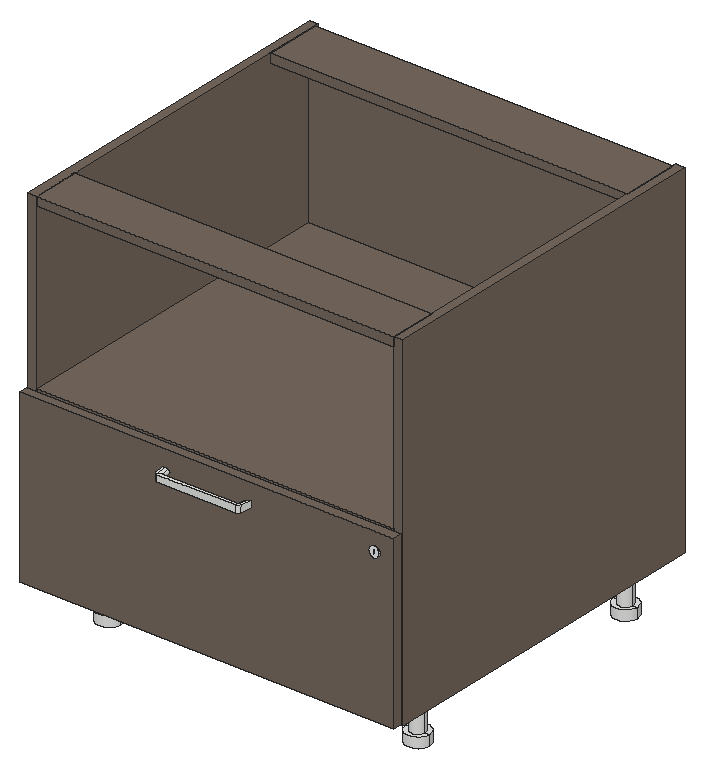
Revit family "Base_Cabinets-Teknion-CEBMD_Base_Cabine_Microwave_Section_With_Drawer-R2023", category Furniture, Revit 2023
Family settings
  OmniClass Number = 23.40.20.00
  OmniClass Title = General Furniture and Specialties
  Work Plane-Based = No
  Enable Cutting in Views = No
  Always vertical = Yes
  Cut with Voids When Loaded = No
  Render Appearance Source = Family Geometry
  Shared = Yes
  Room Calculation Point = No
Parameters (values of type "Undermount - Soft Close Drawer Style")
  Width [instance] = 30.000"
  Warranty = "http://www.teknion.com/ca/papers/legal-canada"
  Unit Weight URL = "http://www.teknion.com/ca/tools/assets#&asset=bee6a381-b954-425e-8283-5a2de3a804f2,f828d448-4b62-4231-9e5f-9a8991c0ed77"
  URL = "www.teknion.com"
  U - Undermount - Soft Close = yes
  To render please download texture images found here [instance] = "https://assets.teknion.com/web/5e81352c1dfdb467/revit-material-swatches/"
  Sustainability Data = "https://www.teknion.com/ca/tools/assets#&topic=216f99a5-57a0-44fc-b10a-9dee9b29ae4c&asset=444deb64-fe58-4b68-981e-f75e97781df7,b4ff2d81-9f2e-437d-9659-7cffb09c31cf"
  Series = "Expansion Casework+"  # constant formula
  S - Standard - Soft Close = not([U - Undermount - Soft Close])  # no
  Pull Finish [instance] = Paint - Teknion - Foundation - Crisp Grey
  Product Page URL = "https://www.teknion.com/ca/products/product-details?productLineId=30ca1270-8e7a-673b-a6c8-ff05004460c4"
  Product Line = "Base Cabinets"  # constant formula
  Product Documentation Link = "https://www.teknion.com/pricing/expansion-casework/pdfs/CEBMD_ppg.pdf"
  Part Number = "CEBMD"  # constant formula
  Model = "CEBMD______U"
  Manufacturer Phone = "416-661-3370"  # constant formula
  Manufacturer Fax = "416.661.4586"  # constant formula
  Manufacturer Contact Information = "http://www.teknion.com/ca/contactus"
  Manufacturer Address = "1150 Flint Road, Toronto, ON. M3J 2J5. Canada"  # constant formula
  Manufacturer = "Teknion"  # constant formula
  How To Use Teknion Materials User Guide [instance] = "https://assets.teknion.com/m/205dd0a49fa58060/original/How-to-add-a-Material-Library-and-Texture-Images-to-your-Revit-project.pdf"
  Height [instance] = 32.000"
  Handle 2 [instance] = Height = 32.000"  # yes
  Handle 1 [instance] = Height = 35.000"  # no
  Front Finish [instance] = Source Laminate - Teknion - 3M - Provincial Oak
  For Additional Finishes please visit [instance] = "https://assets.teknion.com/m/44a8009b046e5d47/original/Teknion_Materials_Library.zip"
  Foot Finish [instance] = Paint - Teknion - Foundation - Crisp Grey
  Drawer Style = "Select one drawer style. Standard - soft close is default."  # constant formula
  Dim - Height - Front [instance] = if(Height = 32.000", 13.631", 15.256")  # 13.631"
  Description = "Base Cabinet - Microwave Section With Drawer, Undermount - Soft Close Drawer Style"
  Depth [instance] = 29.000"
  Default Elevation = 0.000"
  Case Finish [instance] = Source Laminate - Teknion - 3M - Provincial Oak
  Available Width [instance] = "24, 27, 30, 33 & 36 Inch"  # constant formula
  Available Height [instance] = "32 & 35 Inch"  # constant formula
  Available Depth [instance] = "24 & 29 Inch"  # constant formula
  Assembly Code = "E2020200"
  Actual Height [instance] = if(Height = 32.000", Height - 0.250", Height + 0.000")  # 31.750"
Types (3): name | U - Undermount - Soft Close | S - Standard - Soft Close | Model | Description
  (no name) | yes | no | "CEBMD______U" | "Base Cabinet - Microwave Section With Drawer, Undermount - Soft Close Drawer Style"
  Standard - Soft Close Drawer Style | no | yes | "CEBMD______S" | "Base Cabinet - Microwave Section With Drawer, Standard - Soft Close Drawer Style"
  Undermount - Soft Close Drawer Style | yes | no | "CEBMD______U" | "Base Cabinet - Microwave Section With Drawer, Undermount - Soft Close Drawer Style"
Reference planes (in)
  plane 1 "Center Front/Back": y = -14.5
  plane 2: z = 0
  plane 3 "Center Left/Right": x = 21
  plane 4 "Left": x = 6
  plane 5 "Right": x = 36
  plane 6 "Back": y = 0
  plane 7 "Front": y = -29
  plane 8 "Top": z = 31.75
  plane 9: z = 4.13386
  plane 10 "Foot 2": y = -2.59843
  plane 11 "Foot 1": y = -23.35433
  plane 12: z = 17.88297
  plane 13: z = 4.25197
Forms (in)
  Sweep 1, solid, material "Source Laminate - Teknion - 3M - Provincial Oak" <- "Case Finish"
    path origin (0, 0, 0) x (1, 0, 0) y (0, 1, 0)
      loop
        line (6, -14.5) -> (6.70079, -14.5)
    profile origin (6.35039, -14.5, 0) x (0, 1, 0) y (0, 0, 1)
      loop
        line (14.5, 31.75) -> (-13.66142, 31.75) -> (-13.66142, 4.13386) -> (14.5, 4.13386) -> (14.5, 31.75)
  Sweep 2, solid, material "Source Laminate - Teknion - 3M - Provincial Oak" <- "Case Finish"
    path origin (0, 0, 0) x (1, 0, 0) y (0, 1, 0)
      loop
        line (36, -14.5) -> (35.29921, -14.5)
    profile origin (35.64961, -14.5, 0) x (0, -1, 0) y (0, 0, 1)
      loop
        line (-14.5, 31.75) -> (-14.5, 4.13386) -> (13.66142, 4.13386) -> (13.66142, 31.75) -> (-14.5, 31.75)
  Sweep 3, solid, material "Source Laminate - Teknion - 3M - Provincial Oak" <- "Case Finish"
    path origin (0, 0, 0) x (1, 0, 0) y (0, 1, 0)
      loop
        line (35.29921, -14.5) -> (6.70079, -14.5)
    profile origin (21, -14.5, 0) x (0, -1, 0) y (0, 0, 1)
      loop
        line (9.88189, 31.04921) -> (13.66142, 31.04921) -> (13.66142, 31.75) -> (9.88189, 31.75) -> (9.88189, 31.04921)
      loop
        line (-9.70472, 31.04921) -> (-9.70472, 31.75) -> (-14.18504, 31.75) -> (-14.18504, 31.04921) -> (-9.70472, 31.04921)
  Sweep 4, solid, material "Source Laminate - Teknion - 3M - Provincial Oak" <- "Case Finish"
    path origin (0, 0, 0) x (1, 0, 0) y (0, 1, 0)
      loop
        line (35.29921, -14.5) -> (6.70079, -14.5)
    profile origin (21, -14.5, 0) x (0, -1, 0) y (0, 0, 1)
      loop
        line (-13.48425, 31.04921) -> (-14.18504, 31.04921) -> (-14.18504, 5.14961) -> (-13.48425, 5.14961) -> (-13.48425, 31.04921)
  Sweep 5, solid, material "Source Laminate - Teknion - 3M - Provincial Oak" <- "Front Finish"
    path origin (0, 0, 0) x (1, 0, 0) y (0, 1, 0)
      loop
        line (21, -29) -> (21, -28.29921)
    profile origin (21, -28.64961, 0) x (-1, 0, 0) y (0, 0, 1)
      loop
        line (-14.94094, 17.88297) -> (-14.94094, 4.25197) -> (14.94094, 4.25197) -> (14.94094, 17.88297) -> (-14.94094, 17.88297)
  Sweep 6, solid, material "Source Laminate - Teknion - 3M - Provincial Oak" <- "Case Finish"
    path origin (0, -14.5, 0) x (1, 0, 0) y (0, 0, 1)
      loop
        line (21, 5.14961) -> (21, 4.13386)
    profile origin (21, -14.5, 4.64173) x (0, -1, 0) y (1, 0, 0)
      loop
        line (-14.18504, 14.29921) -> (-14.18504, -14.29921) -> (13.66142, -14.29921) -> (13.66142, 14.29921) -> (-14.18504, 14.29921)
  Revolve 7, solid, material "Paint - Teknion - Foundation - Crisp Grey" <- "Foot Finish"
    sketch origin (0, -23.35433, 0) x (-1, 0, 0) y (0, 0, 1)
      loop
        line (-8.64567, 4.13386) -> (-8.64567, 0) -> (-7.70276, 0) -> (-7.70276, 0.7874) -> (-8.09449, 0.7874) -> (-8.09449, 3.11024) -> (-7.70846, 3.11024) -> (-7.70846, 4.13386) -> (-8.64567, 4.13386)
      axis (-8.64567, 4.13386) -> (-8.64567, 0)
    angle from 0 to 360
  Revolve 8, solid, material "Paint - Teknion - Foundation - Crisp Grey" <- "Foot Finish"
    sketch origin (36.70866, -23.35433, 0) x (-1, 0, 0) y (0, 0, 1)
      loop
        line (3.35433, 4.13386) -> (3.35433, 0) -> (4.29724, 0) -> (4.29724, 0.7874) -> (3.90551, 0.7874) -> (3.90551, 3.11024) -> (4.29154, 3.11024) -> (4.29154, 4.13386) -> (3.35433, 4.13386)
      axis (3.35433, 4.13386) -> (3.35433, 0)
    angle from 0 to 360
  Revolve 9, solid, material "Paint - Teknion - Foundation - Crisp Grey" <- "Foot Finish"
    sketch origin (4.75, -2.59843, 0) x (-1, 0, 0) y (0, 0, 1)
      loop
        line (-28.60433, 4.13386) -> (-28.60433, 0) -> (-27.66142, 0) -> (-27.66142, 0.7874) -> (-28.05315, 0.7874) -> (-28.05315, 3.11024) -> (-27.66713, 3.11024) -> (-27.66713, 4.13386) -> (-28.60433, 4.13386)
      axis (-28.60433, 4.13386) -> (-28.60433, 0)
    angle from 0 to 360
  Revolve 10, solid, material "Paint - Teknion - Foundation - Crisp Grey" <- "Foot Finish"
    sketch origin (37.25, -2.59843, 0) x (1, 0, 0) y (0, 0, -1)
      loop
        line (-28.60433, -4.13386) -> (-28.60433, 0) -> (-29.54724, 0) -> (-29.54724, -0.7874) -> (-29.15551, -0.7874) -> (-29.15551, -3.11024) -> (-29.54154, -3.11024) -> (-29.54154, -4.13386) -> (-28.60433, -4.13386)
      axis (-28.60433, -4.13386) -> (-28.60433, 0)
    angle from 0 to 360
  Sweep 11, solid, material "Paint - Teknion - Mica - Platinum", visible <- "U - Undermount - Soft Close"
    path origin (0, 0, 0) x (1, 0, 0) y (0, 1, 0)
      loop
        line (21, -28.16142) -> (21, -11.68504)
    profile origin (21, -19.92323, 0) x (-1, 0, 0) y (0, 0, 1)
      loop
        line (13.60236, 7.16142) -> (13.60236, 7.59449) -> (12.10236, 7.59449) -> (12.10236, 7.16142) -> (13.60236, 7.16142)
      loop
        line (-12.10236, 7.16142) -> (-12.10236, 7.59449) -> (-13.60236, 7.59449) -> (-13.60236, 7.16142) -> (-12.10236, 7.16142)
  Sweep 12, solid, material "Paint - Teknion - Foundation - Crisp Grey" <- "Pull Finish", visible <- "Handle 1"
    path origin (0, -23.35433, 0) x (-1, 0, 0) y (0, 0, 1)
      loop
        line (-21, 17.66782) -> (-21, 18.19882)
    profile origin (21, -23.35433, 17.93332) x (1, 0, 0) y (0, 1, 0)
      loop
        line (-3.49508, -5.64567) -> (-3.39635, -6.44976)
        arc (-3.39635, -6.44976) -> (-3.31387, -6.60653) -> (-3.14821, -6.66929) r 0.25
        line (-3.14821, -6.66929) -> (3.14821, -6.66929)
        arc (3.14821, -6.66929) -> (3.31387, -6.60653) -> (3.39635, -6.44976) r 0.25
        line (3.39635, -6.44976) -> (3.49508, -5.64567) -> (3.35728, -5.64567) -> (3.23165, -6.43307) -> (-3.23165, -6.43307) -> (-3.35728, -5.64567) -> (-3.49508, -5.64567)
  Sweep 13, solid, material "Paint - Teknion - Foundation - Crisp Grey" <- "Pull Finish", visible <- "Handle 2"
    path origin (0, -23.35433, 0) x (-1, 0, 0) y (0, 0, 1)
      loop
        line (-21, 16.57382) -> (-21, 16.04282)
    profile origin (21, -23.35433, 16.30832) x (0, 1, 0) y (-1, 0, 0)
      loop
        line (-5.64567, 3.49508) -> (-6.44976, 3.39635)
        arc (-6.44976, 3.39635) -> (-6.60653, 3.31387) -> (-6.66929, 3.14821) r 0.25
        line (-6.66929, 3.14821) -> (-6.66929, -3.14821)
        arc (-6.66929, -3.14821) -> (-6.60653, -3.31387) -> (-6.44976, -3.39635) r 0.25
        line (-6.44976, -3.39635) -> (-5.64567, -3.49508) -> (-5.64567, -3.35728) -> (-6.43307, -3.23165) -> (-6.43307, 3.23165) -> (-5.64567, 3.35728) -> (-5.64567, 3.49508)
  Sweep 14, solid, material "Paint - Teknion - Foundation - Crisp Grey" <- "Pull Finish", visible <- "Handle 2"
    path origin (9, 0, 0) x (1, 0, 0) y (0, 1, 0)
      loop
        line (8.5714, -28.55302) -> (8.82531, -30.14439)
    profile origin (17.69836, -29.3487, 0) x (0.987508, 0.157566, 0) y (0, 0, 1)
      loop
        line (0.27167, 16.45916) -> (0.03671, 16.57382) -> (0, 16.57382) -> (0, 16.04282) -> (0.03773, 16.04282) -> (0.27167, 16.15698)
        arc (0.27167, 16.15698) -> (0.36606, 16.30807) -> (0.27167, 16.45916) r 0.16812
  Sweep 15, solid, material "Paint - Teknion - Foundation - Crisp Grey" <- "Pull Finish", visible <- "Handle 1"
    path origin (9, 0, 3.24587) x (1, 0, 0) y (0, 1, 0)
      loop
        line (8.5714, -28.55302) -> (8.82531, -30.14439)
    profile origin (17.69836, -29.3487, 3.24587) x (0.987508, 0.157566, 0) y (0, 0, 1)
      loop
        line (0.27167, 14.83829) -> (0.03671, 14.95295) -> (0, 14.95295) -> (0, 14.42195) -> (0.03773, 14.42195) -> (0.27167, 14.53612)
        arc (0.27167, 14.53612) -> (0.36606, 14.6872) -> (0.27167, 14.83829) r 0.16812
  Sweep 16, solid, material "Paint - Teknion - Foundation - Crisp Grey" <- "Pull Finish", visible <- "Handle 2"
    path origin (33, 0, 0) x (-1, 0, 0) y (0, -1, 0)
      loop
        line (8.5714, 28.55302) -> (8.82531, 30.14439)
    profile origin (24.30164, -29.3487, 0) x (0.987508, -0.157566, 0) y (0, 0, 1)
      loop
        arc (-0.27167, 16.45916) -> (-0.36606, 16.30807) -> (-0.27167, 16.15698) r 0.16812
        line (-0.27167, 16.15698) -> (-0.03773, 16.04282) -> (0, 16.04282) -> (0, 16.57382) -> (-0.03671, 16.57382) -> (-0.27167, 16.45916)
  Sweep 17, solid, material "Paint - Teknion - Foundation - Crisp Grey" <- "Pull Finish", visible <- "Handle 1"
    path origin (33, 0, 3.24587) x (-1, 0, 0) y (0, -1, 0)
      loop
        line (8.5714, 28.55302) -> (8.82531, 30.14439)
    profile origin (24.30164, -29.3487, 3.24587) x (0.987508, -0.157566, 0) y (0, 0, 1)
      loop
        arc (-0.27167, 14.83829) -> (-0.36606, 14.6872) -> (-0.27167, 14.53612) r 0.16812
        line (-0.27167, 14.53612) -> (-0.03773, 14.42195) -> (0, 14.42195) -> (0, 14.95295) -> (-0.03671, 14.95295) -> (-0.27167, 14.83829)
  Sweep 18, void
    path origin (0, -23.35433, 0) x (-1, 0, 0) y (0, 0, 1)
      loop
        line (-21, 21.5) -> (-21, 12.5)
    profile origin (21, -23.35433, 17) x (0, 1, 0) y (-1, 0, 0)
      loop
        line (-5.64567, 3.70705) -> (-5.64567, -3.70705) -> (-5.00738, -3.70705) -> (-5.00738, 3.70705) -> (-5.64567, 3.70705)
      loop
        line (-6.43307, 3.70705) -> (-6.94315, 3.70705) -> (-6.94315, -3.70705) -> (-6.43307, -3.70705) -> (-6.43307, 3.70705)
  Sweep 19, solid, material "Paint - Teknion - Mica - Platinum", visible <- "S - Standard - Soft Close"
    path origin (0, 0, 0) x (1, 0, 0) y (0, 1, 0)
      loop
        line (21, -28.16142) -> (21, -12.49213)
    profile origin (21, -20.32677, 0) x (-1, 0, 0) y (0, 0, 1)
      loop
        line (14.25984, 7.13386) -> (14.25984, 8.63386) -> (13.82283, 8.63386) -> (13.82283, 7.13386) -> (14.25984, 7.13386)
      loop
        line (-14.25984, 8.63386) -> (-14.25984, 7.13386) -> (-13.82283, 7.13386) -> (-13.82283, 8.63386) -> (-14.25984, 8.63386)
  Sweep 20, solid, material "Metal - Teknion - C6 - Chrome"
    path origin (0, 0, 0) x (1, 0, 0) y (0, 1, 0)
      loop
        line (21, -29.05906) -> (21, -29)
    profile origin (21, -29.02953, 0) x (-1, 0, 0) y (0, 0, 1)
      loop
        circle (-13.4252, 16.42224) r 0.3937
      loop
        line (-13.37598, 16.60925) -> (-13.47441, 16.60925) -> (-13.47441, 16.23524) -> (-13.37598, 16.23524) -> (-13.37598, 16.60925)
  Sweep 21, solid, material "Source Laminate - Teknion - 3M - Provincial Oak" <- "Case Finish"
    path origin (0, -23.35433, 0) x (-1, 0, 0) y (0, 0, 1)
      loop
        line (-21, 18.00098) -> (-21, 17.3002)
    profile origin (21, -23.35433, 17.65059) x (0, 1, 0) y (-1, 0, 0)
      loop
        line (22.33858, 14.29921) -> (-4.80709, 14.29921) -> (-4.80709, -14.29921) -> (22.33858, -14.29921) -> (22.33858, 14.29921)
  Sweep 22, solid, material "Source Laminate - Teknion - 3M - Provincial Oak" <- "Front Finish", visible <- "U - Undermount - Soft Close"
    path origin (0, 0, 0) x (1, 0, 0) y (0, 1, 0)
      loop
        line (21, -9.00787) -> (21, -28.29921)
    profile origin (21, -18.65354, 0) x (1, 0, 0) y (0, 0, 1)
      loop
        line (-13.47244, 15.26772) -> (-14.10236, 15.26772) -> (-14.10236, 7.63386) -> (-13.47244, 7.63386) -> (-13.47244, 15.26772)
      loop
        line (13.47244, 15.26772) -> (13.47244, 7.63386) -> (14.10236, 7.63386) -> (14.10236, 15.26772) -> (13.47244, 15.26772)
  Sweep 23, solid, material "Source Laminate - Teknion - 3M - Provincial Oak" <- "Front Finish", visible <- "U - Undermount - Soft Close"
    path origin (0, 0, 0) x (1, 0, 0) y (0, 1, 0)
      loop
        line (34.47244, -14.5) -> (7.52756, -14.5)
    profile origin (21, -14.5, 0) x (0, -1, 0) y (0, 0, 1)
      loop
        line (-4.8622, 15.26772) -> (-5.49213, 15.26772) -> (-5.49213, 7.63386) -> (-4.8622, 7.63386) -> (-4.8622, 15.26772)
      loop
        line (13.16929, 15.26772) -> (13.16929, 7.63386) -> (13.79921, 7.63386) -> (13.79921, 15.26772) -> (13.16929, 15.26772)
  Sweep 24, solid, material "Source Laminate - Teknion - 3M - Provincial Oak" <- "Front Finish", visible <- "U - Undermount - Soft Close"
    path origin (0, 0, 0) x (1, 0, 0) y (0, 1, 0)
      loop
        line (7.52756, -14.5) -> (34.47244, -14.5)
    profile origin (21, -14.5, 0) x (0, 1, 0) y (0, 0, 1)
      loop
        line (4.8622, 7.63386) -> (4.8622, 8.85433) -> (-13.16929, 8.85433) -> (-13.16929, 7.63386) -> (4.8622, 7.63386)
  Sweep 25, solid, material "Source Laminate - Teknion - 3M - Provincial Oak" <- "Front Finish", visible <- "S - Standard - Soft Close"
    path origin (0, 0, 0) x (1, 0, 0) y (0, 1, 0)
      loop
        line (21, -12.157) -> (21, -28.29921)
    profile origin (21, -20.22811, 0) x (1, 0, 0) y (0, 0, 1)
      loop
        line (-13.25984, 13.83858) -> (-13.78346, 13.83858) -> (-13.78346, 6.63386) -> (-13.25984, 6.63386) -> (-13.25984, 13.83858)
      loop
        line (13.78346, 6.63386) -> (13.78346, 13.83858) -> (13.25984, 13.83858) -> (13.25984, 6.63386) -> (13.78346, 6.63386)
  Sweep 26, solid, material "Source Laminate - Teknion - 3M - Provincial Oak" <- "Front Finish", visible <- "S - Standard - Soft Close"
    path origin (0, 0, 0) x (1, 0, 0) y (0, 1, 0)
      loop
        line (34.25984, -14.5) -> (7.74016, -14.5)
    profile origin (21, -14.5, 0) x (0, -1, 0) y (0, 0, 1)
      loop
        line (-1.8189, 13.83858) -> (-2.343, 13.83858) -> (-2.343, 6.63386) -> (-1.8189, 6.63386) -> (-1.8189, 13.83858)
      loop
        line (13.27559, 13.83858) -> (13.27559, 6.63386) -> (13.79921, 6.63386) -> (13.79921, 13.83858) -> (13.27559, 13.83858)
  Sweep 27, solid, material "Source Laminate - Teknion - 3M - Provincial Oak" <- "Front Finish", visible <- "S - Standard - Soft Close"
    path origin (0, 0, 0) x (1, 0, 0) y (0, 1, 0)
      loop
        line (7.74016, -14.5) -> (34.25984, -14.5)
    profile origin (21, -14.5, 0) x (0, 1, 0) y (0, 0, 1)
      loop
        line (-13.27559, 7.4252) -> (-13.27559, 6.63386) -> (1.8189, 6.63386) -> (1.8189, 7.4252) -> (-13.27559, 7.4252)
Cuts and joins
  Sweep 18 cuts Sweep 15
  Sweep 18 cuts Sweep 17
  joined: Sweep 12, Sweep 15, Sweep 17
  Sweep 18 cuts Sweep 14
  Sweep 18 cuts Sweep 16
  joined: Sweep 13, Sweep 14, Sweep 16
Lines and regions (in)
  Masking region 1
    outline origin (0, 0, 0) x (1, 0, 0) y (0, 1, 0)
      loop
        line (6, -28.16142) -> (36, -28.16142) -> (36, 0) -> (35.29921, 0) -> (35.29921, -0.31496) -> (6.70079, -0.31496) -> (6.70079, 0) -> (6, 0) -> (6, -28.16142)
  Masking region 2
    outline origin (0, 0, 0) x (1, 0, 0) y (0, 1, 0)
      loop
        line (6.05906, -28.29921) -> (6.05906, -29) -> (35.94094, -29) -> (35.94094, -28.29921) -> (6.05906, -28.29921)
  Masking region 3
    outline origin (0, 0, 0) x (1, 0, 0) y (0, 1, 0)
      loop
        line (17.85179, -30.02362) -> (24.14821, -30.02362)
        arc (24.14821, -30.02362) -> (24.31387, -29.96086) -> (24.39635, -29.80409) r 0.25
        line (24.39635, -29.80409) -> (24.49508, -29) -> (23.98667, -29) -> (23.86103, -29.7874) -> (18.13897, -29.7874) -> (18.01333, -29) -> (17.50492, -29) -> (17.60365, -29.80409)
        arc (17.60365, -29.80409) -> (17.68613, -29.96086) -> (17.85179, -30.02362) r 0.25
  Masking region 4, visible <- "S - Standard - Soft Close"
    outline origin (0, 0, 0) x (1, 0, 0) y (0, 1, 0)
      loop
        line (7.21654, -28.16142) -> (7.21654, -28.29921) -> (34.78346, -28.29921) -> (34.78346, -28.16142) -> (7.21654, -28.16142)
  Masking region 5, visible <- "U - Undermount - Soft Close"
    outline origin (0, 0, 0) x (1, 0, 0) y (0, 1, 0)
      loop
        line (6.89764, -28.16142) -> (6.89764, -28.29921) -> (35.10236, -28.29921) -> (35.10236, -28.16142) -> (6.89764, -28.16142)
  Masking region 6
    outline origin (0, 0, 0) x (1, 0, 0) y (0, 1, 0)
      loop
        line (34.0315, -29) -> (34.0315, -29.05906) -> (34.8189, -29.05906) -> (34.8189, -29) -> (34.0315, -29)
  reference lines
    curve 1: line (6, 0, 0) -> (36, 0, 0)
    curve 2: line (6, -29, 0) -> (36, -29, 0)
    curve 3: line (6, 0, 0) -> (6, -29, 0)
    curve 4: line (36, 0, 0) -> (36, -29, 0)
  symbolic lines
    curve 5: line (24.19447, -29.7874, 0) -> (17.80553, -29.7874, 0)
    curve 6: line (24.32011, -29, 0) -> (24.19447, -29.7874, 0)
    curve 7: line (17.67989, -29, 0) -> (17.80553, -29.7874, 0)
    curve 8: line (6.70079, -0.31496, 0) -> (6.70079, -28.16142, 0)
    curve 9: line (35.29921, -0.31496, 0) -> (35.29921, -28.16142, 0)
    curve 10: line (35.29921, -24.38189, 0) -> (6.70079, -24.38189, 0)
    curve 11: line (6.70079, -4.79528, 0) -> (35.29921, -4.79528, 0)
  symbolic lines, style "FurnitureHiddenLines", detail levels fine
    curve 12: line (34.37598, -29.05906, 0) -> (34.37598, -29, 0)
    curve 13: line (34.47441, -29, 0) -> (34.47441, -29.05906, 0)
    curve 14: arc (9.58287, -2.59843, 0) -> (8.64567, -1.66122, 0) -> (7.70846, -2.59843, 0) r 0.9372
    curve 15: arc (9.19685, -2.59843, 0) -> (8.64567, -2.04724, 0) -> (8.09449, -2.59843, 0) r 0.55118
    curve 16: arc (8.09449, -2.59843, 0) -> (8.64567, -3.14961, 0) -> (9.19685, -2.59843, 0) r 0.55118
    curve 17: arc (7.70846, -2.59843, 0) -> (8.64567, -3.53563, 0) -> (9.58287, -2.59843, 0) r 0.9372
    curve 18: arc (9.58287, -23.35433, 0) -> (8.64567, -22.41713, 0) -> (7.70846, -23.35433, 0) r 0.9372
    curve 19: arc (9.19685, -23.35433, 0) -> (8.64567, -22.80315, 0) -> (8.09449, -23.35433, 0) r 0.55118
    curve 20: arc (8.09449, -23.35433, 0) -> (8.64567, -23.90551, 0) -> (9.19685, -23.35433, 0) r 0.55118
    curve 21: arc (7.70276, -23.35433, 0) -> (8.64567, -24.29724, 0) -> (9.58858, -23.35433, 0) r 0.94291
    curve 22: arc (34.29154, -23.35433, 0) -> (33.35433, -22.41713, 0) -> (32.41713, -23.35433, 0) r 0.9372
    curve 23: arc (32.41713, -23.35433, 0) -> (33.35433, -24.29154, 0) -> (34.29154, -23.35433, 0) r 0.9372
    curve 24: arc (33.90551, -23.35433, 0) -> (33.35433, -22.80315, 0) -> (32.80315, -23.35433, 0) r 0.55118
    curve 25: arc (32.80315, -23.35433, 0) -> (33.35433, -23.90551, 0) -> (33.90551, -23.35433, 0) r 0.55118
    curve 26: arc (33.90551, -2.59843, 0) -> (33.35433, -2.04724, 0) -> (32.80315, -2.59843, 0) r 0.55118
    curve 27: arc (32.80315, -2.59843, 0) -> (33.35433, -3.14961, 0) -> (33.90551, -2.59843, 0) r 0.55118
    curve 28: arc (34.29154, -2.59843, 0) -> (33.35433, -1.66122, 0) -> (32.41713, -2.59843, 0) r 0.9372
    curve 29: arc (32.41713, -2.59843, 0) -> (33.35433, -3.53563, 0) -> (34.29154, -2.59843, 0) r 0.9372
  symbolic lines, style "FurnitureHiddenLines", detail levels medium+fine
    curve 30: line (6.70079, -1.01575, 0) -> (35.29921, -1.01575, 0)
    curve 37: line (35.25984, -28.16142, 0) -> (34.82283, -28.16142, 0)
    curve 41: line (7.17717, -28.16142, 0) -> (6.74016, -28.16142, 0)
  symbolic lines, style "FurnitureHiddenLines", visible <- "S - Standard - Soft Close", detail levels medium+fine
    curve 31: line (34.25984, -27.77559, 0) -> (7.74016, -27.77559, 0)
    curve 32: line (7.74016, -28.29921, 0) -> (7.74016, -12.157, 0)
    curve 33: line (7.21654, -12.157, 0) -> (7.21654, -28.29921, 0)
    curve 34: line (34.25984, -12.157, 0) -> (34.25984, -28.29921, 0)
    curve 35: line (34.78346, -28.29921, 0) -> (34.78346, -12.157, 0)
    curve 36: line (34.82283, -12.49213, 0) -> (34.82283, -28.16142, 0)
    curve 38: line (35.25984, -28.16142, 0) -> (35.25984, -12.49213, 0)
    curve 39: line (6.74016, -12.49213, 0) -> (6.74016, -28.16142, 0)
    curve 40: line (7.17717, -28.16142, 0) -> (7.17717, -12.49213, 0)
    curve 42: line (7.21654, -12.157, 0) -> (34.78346, -12.157, 0)
    curve 43: line (34.82283, -12.49213, 0) -> (35.25984, -12.49213, 0)
    curve 44: line (6.74016, -12.49213, 0) -> (7.17717, -12.49213, 0)
    curve 45: line (7.74016, -12.6811, 0) -> (34.25984, -12.6811, 0)
  symbolic lines, style "FurnitureHiddenLines", visible <- "U - Undermount - Soft Close", detail levels medium+fine
    curve 46: line (7.39764, -11.68504, 0) -> (8.89764, -11.68504, 0)
    curve 47: line (8.89764, -28.16142, 0) -> (8.89764, -11.68504, 0)
    curve 48: line (8.89764, -28.16142, 0) -> (7.39764, -28.16142, 0)
    curve 49: line (7.39764, -11.68504, 0) -> (7.39764, -28.16142, 0)
    curve 50: line (33.10236, -11.68504, 0) -> (34.60236, -11.68504, 0)
    curve 51: line (34.60236, -28.16142, 0) -> (34.60236, -11.68504, 0)
    curve 52: line (33.10236, -11.68504, 0) -> (33.10236, -28.16142, 0)
    curve 53: line (34.60236, -28.16142, 0) -> (33.10236, -28.16142, 0)
    curve 54: line (34.47244, -27.66929, 0) -> (7.52756, -27.66929, 0)
    curve 55: line (6.89764, -9.00787, 0) -> (6.89764, -28.29921, 0)
    curve 56: line (7.52756, -28.29921, 0) -> (7.52756, -9.00787, 0)
    curve 57: line (34.47244, -9.00787, 0) -> (34.47244, -28.29921, 0)
    curve 58: line (35.10236, -28.29921, 0) -> (35.10236, -9.00787, 0)
    curve 59: line (35.10236, -9.00787, 0) -> (6.89764, -9.00787, 0)
    curve 60: line (7.52756, -9.6378, 0) -> (34.47244, -9.6378, 0)
Dimensions and locks (in)
  "Width": plane 4 "Left" to plane 5 "Right"
  "Depth": plane 6 "Back" to plane 7 "Front"
  "Actual Height": plane 8 "Top" to level
  equal spacing: plane 6 "Back", plane 1 "Center Front/Back", plane 7 "Front"
  equal spacing: plane 4 "Left", plane 3 "Center Left/Right", plane 5 "Right"
  locked: plane 9 to plane 2 at 4.13386
  locked: plane 4 "Left" to Sweep 1 sketch curve at 0.70079
  locked: plane 7 "Front" to Sweep 1 sketch curve at 0.83858
  locked: Sweep 2 sketch curve to plane 5 "Right" at 0.70079
  locked: plane 7 "Front" to Sweep 2 sketch curve at 0.83858
  locked: plane 4 "Left" to Sweep 3 sketch curve at 0.70079
  locked: Sweep 3 sketch curve to plane 5 "Right" at 0.70079
  Sweep 3 sketch curve to Sweep 3 sketch curve to plane 6 "Back" = 4.48031" locked, 0.31496" locked
  plane 7 "Front" to Sweep 3 sketch curve to Sweep 3 sketch curve = 0.83858" locked, 3.77953" locked
  locked: plane 8 "Top" to Sweep 3 sketch curve at 0.70079  (x2)
  locked: Sweep 4 sketch curve to plane 5 "Right" at 0.70079
  locked: plane 4 "Left" to Sweep 4 sketch curve at 0.70079
  Sweep 4 sketch curve to Sweep 4 sketch curve to plane 6 "Back" = 0.70079" locked, 0.31496" locked
  locked: plane 8 "Top" to Sweep 4 sketch curve at 0.70079
  locked: plane 7 "Front" to Sweep 5 sketch curve at 0.70079
  locked: Sweep 5 sketch curve to plane 4 "Left" at 0.05906
  locked: Sweep 5 sketch curve to plane 5 "Right" at 0.05906
  locked: Sweep 4 sketch curve to plane 9 at 1.01575
  locked: Sweep 6 sketch curve to plane 9 at 1.01575
  locked: plane 4 "Left" to Sweep 6 sketch curve at 0.70079
  locked: Sweep 6 sketch curve to plane 5 "Right" at 0.70079
  locked: plane 6 "Back" to Sweep 6 sketch curve at 0.31496
  locked: plane 7 "Front" to Sweep 6 sketch curve at 0.83858
  locked: plane 11 "Foot 1" to plane 7 "Front" at 5.64567
  locked: plane 6 "Back" to plane 10 "Foot 2" at 2.59843
  Revolve 10 sketch curve to Revolve 10 sketch curve to Revolve 10 sketch curve to Revolve 10 sketch curve to plane 4 "Left" = 0.55118" locked, 0.38602" locked, 0.00571" locked, 1.70276" locked
  locked: plane 9 to Revolve 10 sketch curve at 1.02362
  locked: Revolve 10 sketch curve to plane 2 at 0.7874
  locked: plane 4 "Left" to Revolve 10 sketch curve at 2.64567
  locked: Revolve 7 sketch curve to plane 2 at 0.7874
  locked: plane 9 to Revolve 7 sketch curve at 1.02362
  Revolve 7 sketch curve to Revolve 7 sketch curve to Revolve 7 sketch curve to Revolve 7 sketch curve to plane 4 "Left" = 0.55118" locked, 0.38602" locked, 0.00571" locked, 1.70276" locked
  locked: plane 4 "Left" to Revolve 7 sketch curve at 2.64567
  plane 5 "Right" to Revolve 8 sketch curve to Revolve 8 sketch curve to Revolve 8 sketch curve to Revolve 8 sketch curve = 2.64567" locked, 0.55118" locked, 0.38602" locked, 0.00571" locked
  locked: plane 9 to Revolve 8 sketch curve at 1.02362
  locked: Revolve 8 sketch curve to plane 2 at 0.7874
  locked: Revolve 8 sketch curve to plane 5 "Right" at 2.64567
  Revolve 9 sketch curve to Revolve 9 sketch curve to Revolve 9 sketch curve to Revolve 9 sketch curve to plane 5 "Right" = 0.00571" locked, 0.38602" locked, 0.55118" locked, 2.64567" locked
  locked: Revolve 9 sketch curve to plane 2 at 0.7874
  locked: plane 9 to Revolve 9 sketch curve at 1.02362
  locked: Revolve 9 sketch curve to plane 5 "Right" at 2.64567
  Sweep 11 sketch curve to Sweep 11 sketch curve to plane 7 "Front" = 16.47638" locked, 0.83858" locked
  Sweep 11 sketch curve to Sweep 11 sketch curve to plane 4 "Left" = 1.500" locked, 1.39764" locked
  Sweep 11 sketch curve to Sweep 11 sketch curve to plane 5 "Right" = 1.500" locked, 1.39764" locked
  locked: Sweep 11 sketch curve to Sweep 11 sketch curve at 0.43307
  Sweep 12 sketch curve to Sweep 12 sketch curve to plane 2 = 0.531" locked, 17.66782" locked
  Sweep 12 sketch curve to Sweep 12 sketch curve to Sweep 12 sketch curve to Sweep 12 sketch curve to Sweep 12 sketch curve to plane 3 "Center Left/Right" to Sweep 12 sketch curve to Sweep 12 sketch curve to Sweep 12 sketch curve to Sweep 12 sketch curve to Sweep 12 sketch curve = 0.09873" locked, 0.03907" locked, 0.12564" locked, 0.08343" locked, 3.14821" locked, 3.14821" locked, 0.08343" locked, 0.12564" locked, 0.03907" locked, 0.09873" locked
  plane 7 "Front" to Sweep 12 sketch curve to Sweep 12 sketch curve = 0.7874" locked, 0.23622" locked
  Sweep 13 sketch curve to Sweep 13 sketch curve to plane 2 = 0.531" locked, 16.04282" locked
  Sweep 13 sketch curve to Sweep 13 sketch curve to Sweep 13 sketch curve to Sweep 13 sketch curve to Sweep 13 sketch curve to plane 3 "Center Left/Right" to Sweep 13 sketch curve to Sweep 13 sketch curve to Sweep 13 sketch curve to Sweep 13 sketch curve to Sweep 13 sketch curve = 0.09873" locked, 0.03907" locked, 0.12564" locked, 0.08343" locked, 3.14821" locked, 3.14821" locked, 0.08343" locked, 0.12564" locked, 0.03907" locked, 0.09873" locked
  plane 7 "Front" to Sweep 13 sketch curve to Sweep 13 sketch curve = 0.7874" locked, 0.23622" locked
  Sweep 14 sketch curve to Sweep 14 sketch curve to Sweep 14 sketch curve to Sweep 14 sketch curve to Sweep 14 sketch curve to plane 3 "Center Left/Right" = 0.03625" locked, 0.001" locked, 0.23103" locked, 0.000" locked, 3.03336" locked
  Sweep 14 sketch curve to Sweep 14 sketch curve to Sweep 14 sketch curve to Sweep 14 sketch curve to Sweep 14 sketch curve to plane 2 = 0.11466" locked, 0.15109" locked, 0.15109" locked, 0.11416" locked, 16.04282" locked
  plane 3 "Center Left/Right" to Sweep 14 sketch curve to Sweep 14 sketch curve = 3.17469" locked, 0.25392" locked
  Sweep 14 sketch curve to plane 7 "Front" to Sweep 14 sketch curve = 1.14439" locked, 0.44698" locked
  Sweep 16 sketch curve to Sweep 16 sketch curve to Sweep 16 sketch curve to Sweep 16 sketch curve to Sweep 16 sketch curve to plane 3 "Center Left/Right" = 0.03625" locked, 0.001" locked, 0.23103" locked, 0.000" locked, 3.03336" locked
  Sweep 16 sketch curve to Sweep 16 sketch curve to Sweep 16 sketch curve to Sweep 16 sketch curve to Sweep 16 sketch curve to plane 2 = 0.11466" locked, 0.15109" locked, 0.15109" locked, 0.11416" locked, 16.04282" locked
  Sweep 16 sketch curve to Sweep 16 sketch curve to plane 3 "Center Left/Right" = 0.25392" locked, 3.17469" locked
  Sweep 16 sketch curve to plane 7 "Front" to Sweep 16 sketch curve = 1.14439" locked, 0.44698" locked
  Sweep 17 sketch curve to Sweep 17 sketch curve to Sweep 17 sketch curve to Sweep 17 sketch curve to Sweep 17 sketch curve to plane 3 "Center Left/Right" = 0.03625" locked, 0.001" locked, 0.23103" locked, 0.000" locked, 3.03336" locked
  Sweep 17 sketch curve to Sweep 17 sketch curve to Sweep 17 sketch curve to Sweep 17 sketch curve to Sweep 17 sketch curve to plane 2 = 0.11466" locked, 0.15109" locked, 0.15109" locked, 0.11416" locked, 17.66782" locked
  Sweep 17 sketch curve to Sweep 17 sketch curve to plane 3 "Center Left/Right" = 0.25392" locked, 3.17469" locked
  Sweep 17 sketch curve to plane 7 "Front" to Sweep 17 sketch curve = 1.14439" locked, 0.44698" locked
  plane 3 "Center Left/Right" to Sweep 15 sketch curve to Sweep 15 sketch curve = 3.17469" locked, 0.25392" locked
  Sweep 15 sketch curve to plane 7 "Front" to Sweep 15 sketch curve = 1.14439" locked, 0.44698" locked
  Sweep 15 sketch curve to Sweep 15 sketch curve to Sweep 15 sketch curve to Sweep 15 sketch curve to Sweep 15 sketch curve to plane 3 "Center Left/Right" = 0.03625" locked, 0.001" locked, 0.23103" locked, 0.000" locked, 3.03336" locked
  Sweep 15 sketch curve to Sweep 15 sketch curve to Sweep 15 sketch curve to Sweep 15 sketch curve to Sweep 15 sketch curve to plane 2 = 0.11466" locked, 0.15109" locked, 0.15109" locked, 0.11416" locked, 17.66782" locked
  plane 2 to Sweep 18 sketch curve to Sweep 18 sketch curve = 12.500" locked, 9.000" locked
  equal spacing: Sweep 18 sketch curve, plane 3 "Center Left/Right", Sweep 18 sketch curve
  Sweep 18 sketch curve to Sweep 18 sketch curve to plane 7 "Front" to Sweep 18 sketch curve = 0.51007" locked, 0.7874" locked, 0.63829" locked
  Sweep 19 sketch curve to Sweep 19 sketch curve to plane 7 "Front" = 15.66929" locked, 0.83858" locked
  Sweep 19 sketch curve to Sweep 19 sketch curve to plane 5 "Right" = 0.43701" locked, 0.74016" locked
  Sweep 19 sketch curve to Sweep 19 sketch curve to plane 4 "Left" = 0.43701" locked, 0.74016" locked
  locked: Sweep 19 sketch curve to Sweep 19 sketch curve at 1.5
  locked: Sweep 20 sketch curve to plane 7 "Front" at 0.05906
  Sweep 20 sketch curve to Sweep 20 sketch curve to Sweep 20 sketch curve = 0.18701" locked, 0.18701" locked
  Sweep 20 sketch curve to Sweep 20 sketch curve to Sweep 20 sketch curve to plane 5 "Right" = 0.04921" locked, 0.04921" locked, 1.52559" locked
  locked: plane 13 to plane 9 at 0.11811
  "Dim - Height - Front": plane 12 to plane 13
  locked: plane 12 to Sweep 20 sketch curve at 1.46072
  locked: Sweep 11 sketch curve to plane 13 at 2.90945
  locked: Sweep 19 sketch curve to plane 13 at 2.88189
  locked: Sweep 21 sketch curve to Sweep 21 sketch curve at 0.70079
  locked: Sweep 21 sketch curve to plane 12 at 0.11802
  locked: plane 4 "Left" to Sweep 21 sketch curve at 0.70079
  locked: Sweep 21 sketch curve to plane 5 "Right" at 0.70079
  locked: plane 7 "Front" to Sweep 21 sketch curve at 0.83858
  locked: plane 6 "Back" to Sweep 21 sketch curve at 1.01575
  plane 7 "Front" to Sweep 22 sketch curve to Sweep 22 sketch curve = 0.70079" locked, 19.29134" locked
  Sweep 22 sketch curve to Sweep 22 sketch curve to plane 4 "Left" = 0.62992" locked, 0.89764" locked
  Sweep 22 sketch curve to Sweep 22 sketch curve to plane 5 "Right" = 0.62992" locked, 0.89764" locked
  Sweep 22 sketch curve to Sweep 22 sketch curve to plane 13 = 7.63386" locked, 3.38189" locked
  locked: plane 4 "Left" to Sweep 23 sketch curve at 1.52756
  locked: Sweep 23 sketch curve to plane 5 "Right" at 1.52756
  plane 7 "Front" to Sweep 23 sketch curve to Sweep 23 sketch curve to Sweep 23 sketch curve to Sweep 23 sketch curve = 0.70079" locked, 0.62992" locked, 18.0315" locked, 0.62992" locked
  Sweep 23 sketch curve to Sweep 23 sketch curve to plane 13 = 7.63386" locked, 3.38189" locked
  locked: plane 4 "Left" to Sweep 24 sketch curve at 1.52756
  locked: Sweep 24 sketch curve to plane 5 "Right" at 1.52756
  plane 13 to Sweep 24 sketch curve to Sweep 24 sketch curve = 3.38189" locked, 1.22047" locked
  plane 7 "Front" to Sweep 24 sketch curve to Sweep 24 sketch curve = 1.33071" locked, 18.0315" locked
  plane 7 "Front" to Sweep 25 sketch curve to Sweep 25 sketch curve = 0.70079" locked, 16.14221" locked
  Sweep 25 sketch curve to Sweep 25 sketch curve to plane 13 = 7.20472" locked, 2.38189" locked
  Sweep 25 sketch curve to Sweep 25 sketch curve to plane 4 "Left" = 0.52362" locked, 1.21654" locked
  Sweep 25 sketch curve to Sweep 25 sketch curve to plane 5 "Right" = 0.52362" locked, 1.21654" locked
  locked: Sweep 26 sketch curve to plane 5 "Right" at 1.74016
  locked: plane 4 "Left" to Sweep 26 sketch curve at 1.74016
  plane 7 "Front" to Sweep 26 sketch curve to Sweep 26 sketch curve to Sweep 26 sketch curve to Sweep 26 sketch curve = 0.70079" locked, 0.52362" locked, 15.09449" locked, 0.5241" locked
  Sweep 26 sketch curve to Sweep 26 sketch curve to plane 13 = 7.20472" locked, 2.38189" locked
  locked: plane 4 "Left" to Sweep 27 sketch curve at 1.74016
  locked: Sweep 27 sketch curve to plane 5 "Right" at 1.74016
  plane 7 "Front" to Sweep 27 sketch curve to Sweep 27 sketch curve = 1.22441" locked, 15.09449" locked
  Sweep 27 sketch curve to Sweep 27 sketch curve to plane 13 = 0.79134" locked, 2.38189" locked
  Masking region 3 sketch curve to Masking region 3 sketch curve to Masking region 3 sketch curve to plane 3 "Center Left/Right" to Masking region 3 sketch curve to Masking region 3 sketch curve to Masking region 3 sketch curve = 0.50841" locked, 0.12564" locked, 2.86103" locked, 2.86103" locked, 0.12564" locked, 0.50841" locked
  locked: Sweep 18 sketch curve to plane 3 "Center Left/Right" at 3.70705
  aligned and locked: level to plane 2
  aligned and locked: plane 4 "Left" to Sweep 1 sketch curve
  aligned and locked: plane 1 "Center Front/Back" to Sweep 1 sketch curve
  aligned and locked: Sweep 1 sketch curve to plane 8 "Top"
  aligned and locked: Sweep 1 sketch curve to plane 6 "Back"
  aligned and locked: plane 9 to Sweep 1 sketch curve
  aligned and locked: Sweep 2 sketch curve to plane 1 "Center Front/Back"
  aligned and locked: plane 5 "Right" to Sweep 2 sketch curve
  aligned and locked: plane 8 "Top" to Sweep 2 sketch curve
  aligned and locked: plane 6 "Back" to Sweep 2 sketch curve
  aligned and locked: Sweep 2 sketch curve to plane 9
  aligned and locked: Sweep 3 sketch curve to plane 1 "Center Front/Back"
  aligned and locked: plane 8 "Top" to Sweep 3 sketch curve
  aligned and locked: Sweep 3 sketch curve to plane 8 "Top"
  aligned and locked: Sweep 4 sketch curve to plane 1 "Center Front/Back"
  aligned and locked: plane 3 "Center Left/Right" to Sweep 5 sketch curve
  aligned and locked: plane 7 "Front" to Sweep 5 sketch curve
  aligned and locked: curve 1 to plane 6 "Back"
  aligned and locked: plane 7 "Front" to curve 2
  aligned and locked: curve 3 to plane 4 "Left"
  aligned and locked: plane 5 "Right" to curve 4
  aligned and locked: plane 7 "Front" to nested 4
  aligned and locked: nested 4 to plane 5 "Right"
  aligned and locked: nested 3 to plane 5 "Right"
  aligned and locked: nested 3 to plane 6 "Back"
  aligned and locked: nested 1 to plane 6 "Back"
  aligned and locked: plane 4 "Left" to nested 1
  aligned and locked: nested 2 to plane 4 "Left"
  aligned and locked: plane 7 "Front" to nested 2
  aligned and locked: Sweep 6 sketch curve to plane 3 "Center Left/Right"
  aligned and locked: plane 9 to Sweep 6 sketch curve
  aligned and locked: Revolve 10 sketch curve to plane 9
  aligned and locked: plane 2 to Revolve 10 sketch curve
  aligned and locked: Revolve 7 sketch curve to plane 9
  aligned and locked: plane 2 to Revolve 7 sketch curve
  aligned and locked: plane 2 to Revolve 8 sketch curve
  aligned and locked: Revolve 8 sketch curve to plane 9
  aligned and locked: Revolve 9 sketch curve to plane 9
  aligned and locked: plane 2 to Revolve 9 sketch curve
  aligned and locked: plane 3 "Center Left/Right" to Sweep 11 sketch curve
  aligned and locked: Sweep 11 sketch curve to Sweep 11 sketch curve  (x2)
  aligned and locked: plane 3 "Center Left/Right" to Sweep 12 sketch curve
  aligned and locked: plane 7 "Front" to Sweep 12 sketch curve  (x2)
  aligned and locked: Sweep 13 sketch curve to plane 3 "Center Left/Right"
  aligned and locked: plane 7 "Front" to Sweep 13 sketch curve  (x2)
  aligned and locked: Sweep 18 sketch curve to plane 3 "Center Left/Right"
  aligned and locked: plane 7 "Front" to Sweep 18 sketch curve
  aligned and locked: Sweep 18 sketch curve to Sweep 18 sketch curve  (x2)
  aligned and locked: plane 3 "Center Left/Right" to Sweep 19 sketch curve
  aligned and locked: Sweep 19 sketch curve to Sweep 19 sketch curve  (x2)
  aligned and locked: Sweep 20 sketch curve to plane 3 "Center Left/Right"
  aligned and locked: plane 7 "Front" to Sweep 20 sketch curve
  aligned and locked: Masking region 1 sketch curve to Sweep 1  (x2)
  aligned and locked: Sweep 1 to Masking region 1 sketch curve
  aligned and locked: Masking region 1 sketch curve to Sweep 3  (x2)
  aligned and locked: Masking region 1 sketch curve to Sweep 2  (x3)
  aligned and locked: Sweep 5 sketch curve to plane 13
  aligned and locked: plane 12 to Sweep 5 sketch curve
  aligned and locked: Sweep 21 sketch curve to plane 3 "Center Left/Right"
  aligned and locked: Sweep 22 sketch curve to plane 3 "Center Left/Right"
  aligned and locked: Sweep 22 sketch curve to Sweep 22 sketch curve  (x2)
  aligned and locked: Sweep 23 sketch curve to plane 1 "Center Front/Back"
  aligned and locked: Sweep 23 sketch curve to Sweep 23 sketch curve  (x2)
  aligned and locked: plane 1 "Center Front/Back" to Sweep 24 sketch curve
  aligned and locked: Sweep 25 sketch curve to plane 3 "Center Left/Right"
  aligned and locked: Sweep 25 sketch curve to Sweep 25 sketch curve  (x2)
  aligned and locked: Sweep 26 sketch curve to plane 1 "Center Front/Back"
  aligned and locked: Sweep 26 sketch curve to Sweep 26 sketch curve  (x2)
  aligned and locked: plane 1 "Center Front/Back" to Sweep 27 sketch curve
  aligned and locked: cut or joined group of Sweep 12, Sweep 15, Sweep 17, Sweep 18 to Masking region 3 sketch curve
  aligned and locked: Masking region 3 sketch curve to cut or joined group of Sweep 12, Sweep 15, Sweep 17, Sweep 18  (x3)
  aligned and locked: plane 7 "Front" to Masking region 3 sketch curve
  aligned and locked: Masking region 3 sketch curve to plane 7 "Front"
  aligned and locked: curve 5 to cut or joined group of Sweep 12, Sweep 15, Sweep 17, Sweep 18
  aligned and locked: curve 6 to cut or joined group of Sweep 12, Sweep 15, Sweep 17, Sweep 18
  aligned and locked: curve 7 to cut or joined group of Sweep 12, Sweep 15, Sweep 17, Sweep 18
  aligned and locked: curve 8 to Sweep 3
  aligned and locked: curve 9 to Sweep 3
  aligned and locked: curve 10 to Sweep 3
  aligned and locked: curve 11 to Sweep 3
  aligned and locked: Sweep 3 to Masking region 4 sketch curve
  aligned and locked: Sweep 5 to Masking region 4 sketch curve
  aligned and locked: Masking region 4 sketch curve to Sweep 25  (x2)
  aligned and locked: Sweep 3 to Masking region 5 sketch curve
  aligned and locked: Sweep 5 to Masking region 5 sketch curve
  aligned and locked: Masking region 5 sketch curve to Sweep 22  (x2)
  aligned and locked: plane 7 "Front" to Masking region 6 sketch curve
  aligned and locked: Masking region 6 sketch curve to Sweep 20  (x3)
  aligned and locked: curve 12 to Sweep 20
  aligned and locked: curve 13 to Sweep 20
  aligned and locked: curve 14 to Revolve 10
  aligned and locked: curve 15 to Revolve 10
  aligned and locked: curve 16 to Revolve 10
  aligned and locked: curve 17 to Revolve 10
  aligned and locked: curve 18 to Revolve 7
  aligned and locked: curve 19 to Revolve 7
  aligned and locked: curve 20 to Revolve 7
  aligned and locked: curve 21 to Revolve 7
  aligned and locked: curve 22 to Revolve 8
  aligned and locked: curve 23 to Revolve 8
  aligned and locked: curve 24 to Revolve 8
  aligned and locked: curve 25 to Revolve 8
  aligned and locked: curve 26 to Revolve 9
  aligned and locked: curve 27 to Revolve 9
  aligned and locked: curve 28 to Revolve 9
  aligned and locked: curve 29 to Revolve 9
  aligned and locked: curve 30 to Sweep 4
  aligned and locked: curve 31 to Sweep 26
  aligned and locked: curve 32 to Sweep 25
  aligned and locked: Sweep 25 to curve 33
  aligned and locked: Sweep 25 to curve 34
  aligned and locked: curve 35 to Sweep 25
  aligned and locked: Sweep 19 to curve 36
  aligned and locked: curve 37 to Sweep 19
  aligned and locked: curve 38 to Sweep 19
  aligned and locked: Sweep 19 to curve 39
  aligned and locked: curve 40 to Sweep 19
  aligned and locked: Sweep 19 to curve 41
  aligned and locked: curve 43 to Sweep 19
  aligned and locked: curve 42 to Sweep 26
  aligned and locked: curve 44 to Sweep 19
  aligned and locked: curve 45 to Sweep 26
  aligned and locked: curve 46 to Sweep 11
  aligned and locked: curve 49 to Sweep 11
  aligned and locked: curve 50 to Sweep 11
  aligned and locked: curve 51 to Sweep 11
  aligned and locked: curve 52 to Sweep 11
  aligned and locked: curve 53 to Sweep 11
  aligned and locked: curve 54 to Sweep 23
  aligned and locked: Sweep 22 to curve 55
  aligned and locked: curve 56 to Sweep 22
  aligned and locked: Sweep 22 to curve 57
  aligned and locked: curve 58 to Sweep 22
  aligned and locked: curve 59 to Sweep 23
  aligned and locked: curve 60 to Sweep 23
Automatic sketch dimensions
  Revolve 7 sketch curve to level = 3.11614"
  Revolve 7 sketch curve to Revolve 7 sketch curve = 2.000"
  Revolve 8 sketch curve to level = 2.11614"
  Revolve 8 sketch curve to Revolve 8 sketch curve = 2.000"
  Revolve 9 sketch curve to level = 1.11614"
  Revolve 9 sketch curve to Revolve 9 sketch curve = 1.250"
  Revolve 10 sketch curve to Revolve 10 sketch curve = 1.500"
  Revolve 10 sketch curve to level = 3.11614"
  Sweep 14 sketch curve to profile plane = 0.000"
  Sweep 14 sketch curve to profile plane = 0.03671"
  Sweep 14 sketch curve to profile plane = 0.03773"
  Sweep 14 sketch curve to profile plane = 0.19795"
  Sweep 14 sketch curve to Sweep 14 sketch curve = 0.07373"  (x2)
  level to Sweep 14 sketch curve = 16.04282"
  Sweep 14 sketch curve to Sweep 14 sketch curve = 0.11416"
  Sweep 15 sketch curve to profile plane = 0.000"
  Sweep 15 sketch curve to Sweep 15 sketch curve = 0.03671"
  Sweep 15 sketch curve to Sweep 15 sketch curve = 0.03773"
  Sweep 15 sketch curve to profile plane = 0.19795"
  Sweep 15 sketch curve to Sweep 15 sketch curve = 0.07373"  (x2)
  profile plane to Sweep 15 sketch curve = 14.42195"
  Sweep 15 sketch curve to Sweep 15 sketch curve = 0.11416"
  Sweep 16 sketch curve to profile plane = 0.000"
  profile plane to Sweep 16 sketch curve = 0.03671"
  profile plane to Sweep 16 sketch curve = 0.03773"
  profile plane to Sweep 16 sketch curve = 0.19795"
  Sweep 16 sketch curve to Sweep 16 sketch curve = 0.07373"  (x2)
  level to Sweep 16 sketch curve = 16.04282"
  Sweep 16 sketch curve to Sweep 16 sketch curve = 0.11416"
  Sweep 17 sketch curve to profile plane = 0.000"
  profile plane to Sweep 17 sketch curve = 0.03671"
  profile plane to Sweep 17 sketch curve = 0.03773"
  profile plane to Sweep 17 sketch curve = 0.19795"
  Sweep 17 sketch curve to Sweep 17 sketch curve = 0.07373"  (x2)
  profile plane to Sweep 17 sketch curve = 14.42195"
  Sweep 17 sketch curve to Sweep 17 sketch curve = 0.11416"
  Sweep 20 sketch curve to Sweep 20 sketch curve = 0.34449"
  Sweep 20 sketch curve to Sweep 20 sketch curve = 0.18701"  (x2)
  Sweep 13 sketch curve to Sweep 13 sketch curve = 0.01669"
  plane 7 "Front" to Masking region 2 sketch curve = 0.000"
  plane 4 "Left" to Masking region 2 sketch curve = 0.05906"
  plane 5 "Right" to Masking region 2 sketch curve = 0.05906"
  Masking region 2 sketch curve to Masking region 2 sketch curve = 0.70079"
  plane 7 "Front" to curve 7 = 0.000"
  plane 7 "Front" to curve 6 = 0.000"
  plane 7 "Front" to curve 13 = 0.000"
  plane 7 "Front" to curve 12 = 0.000"
  curve 25 to plane 11 "Foot 1" = 0.000"
  curve 19 to plane 11 "Foot 1" = 0.000"  (x2)
  curve 24 to plane 11 "Foot 1" = 0.000"
  curve 23 to plane 11 "Foot 1" = 0.000"  (x2)
  curve 29 to plane 10 "Foot 2" = 0.000"  (x2)
  curve 14 to plane 10 "Foot 2" = 0.000"  (x2)
  curve 15 to plane 10 "Foot 2" = 0.000"  (x2)
  curve 27 to plane 10 "Foot 2" = 0.000"
  curve 26 to plane 10 "Foot 2" = 0.000"
  curve 32 to curve 48 = 1.15748"
  curve 40 to curve 49 = 0.000"
  curve 13 to curve 13 = 0.05906"
  curve 12 to curve 12 = 0.05906"
  curve 57 to curve 51 = 0.1378"
  curve 35 to curve 36 = 0.1378"
  curve 32 to curve 48 = 0.1378"
  curve 33 to curve 40 = 0.1378"
  curve 55 to curve 39 = 0.1378"
  curve 56 to curve 48 = 0.1378"
  curve 58 to curve 37 = 0.1378"
  curve 34 to curve 57 = 0.000"
  curve 37 to curve 9 = 0.000"
  curve 8 to curve 39 = 0.000"
  curve 9 to plane 6 "Back" = 0.31496"
  curve 8 to plane 6 "Back" = 0.31496"
Nested families (in)
  nested 1: "Teknion_2D_Node_Family-R2016" at (6, 0, 0), type "Teknion_2D_Node_Family-R2016"
  nested 2: "Teknion_2D_Node_Family-R2016" at (6, -29, 0), type "Teknion_2D_Node_Family-R2016"
  nested 3: "Teknion_2D_Node_Family-R2016" at (36, 0, 0), type "Teknion_2D_Node_Family-R2016"
  nested 4: "Teknion_2D_Node_Family-R2016" at (36, -29, 0), type "Teknion_2D_Node_Family-R2016"
Definition of nested family "Teknion_2D_Node_Family-R2016"
  Reference planes (in)
    plane 1 "Center (Front/Back)": y = 0
    plane 2: z = 0
    plane 3 "Center (Left/Right)": x = 0
  Lines and regions (in)
    detail lines, in view "Ref. Level"
      curve 1: circle (0, 0, 0) r 1.25 normal (0, 0, 1)
      curve 2: line (1.91508, -1.91508, 0) -> (-1.91508, 1.91508, 0)
      curve 3: line (-1.91508, -1.91508, 0) -> (1.91508, 1.91508, 0)
